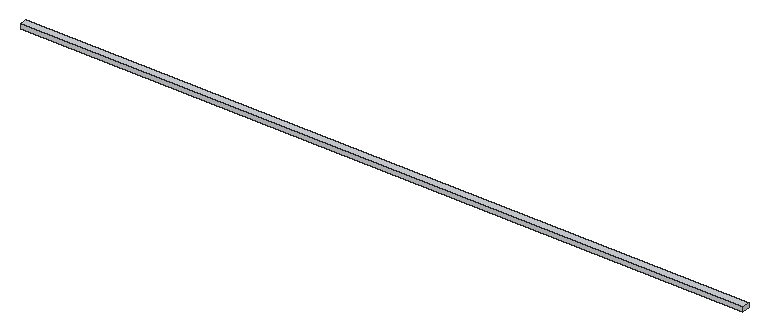
Revit family "SUPERBRILLOSA 2216 IP 20_S242280.N.1", category Luminarias, Revit 2019
Family settings
  Cota de conector redondo = Diámetro de uso
  Tipo de pieza = Normal
  Se basa en plano de trabajo = Sí
  Siempre vertical = No
  Corte con vacíos al cargar = No
  Origen de luz = Sí
  Compartido = No
  Punto de cálculo de habitación = No
Parameters (values of type "SUPERBRILLOSA 2216 IP 20_S242280.N.1")
  Tilt Angle = 60.00°
  Zone [instance] = ""
  Watt per fixture [instance] = (Longitud / 1000 mm) * (24)  # 24
  Wattage = 24 W
  built-in parameter 1150107 = 4000 (stored number, unit not read)
  built-in parameter 1150110 = 1 (stored number, unit not read)
  built-in parameter 1150109 = 1 (stored number, unit not read)
  built-in parameter 1150112 = 1 (stored number, unit not read)
  built-in parameter 1150113 = 1 (stored number, unit not read)
  built-in parameter 1114218 = 1 (stored number, unit not read)
  built-in parameter 1150142 = "IESNA:LM-63-1995\r\n[TEST]  \r\n[DATE] 2019/06/12\r\n[MANUFAC] BRILLANTE ILUMINACION\r\n[LUMCAT] SUPERBRILLOSA 2216 IP20\r\n[LUMINAIRE] S242280.N.1 \r\n[LAMPCAT] \r\n[LAMP] SUPERBRILLOSA 2216 4000°K\r\n[BALLASTCAT] \r\n[BALLAST] \r\n[OTHER]  \r\n[More] Temprature:25 Humidity:40\r\n[More] Frequency:DC Voltage:24.0 Current:0.95 Power:22.8 PF:0.000\r\nTILT=NONE\r\n1 2119.500 1.000 13 13 2 2 0.01 1.0 0.01\r\n1.0 1.0 22.8\r\n-90.0 -75.0 -60.0 -45.0 -30.0 -15.0 0.0 15.0 30.0 45.0 60.0 75.0 90.0\r\n-90.0 -75.0 -60.0 -45.0 -30.0 -15.0 0.0 15.0 30.0 45.0 60.0 75.0 90.0\r\n1.932 1.932 1.932 1.932 1.932 1.932 1.932 1.932 1.932 1.932 1.932 1.932 1.932\r\n2.831 20.582 50.585 83.598 112.579 130.874 137.396 131.253 113.125 85.376 53.364 22.299 2.763\r\n2.788 51.209 129.313 208.862 274.350 316.230 331.343 319.117 280.288 217.074 138.226 60.588 6.777\r\n2.609 86.327 212.269 331.741 422.969 478.861 497.463 478.722 423.433 334.159 216.475 92.235 8.631\r\n2.518 108.517 272.214 420.368 532.077 599.019 622.677 601.952 537.224 430.911 288.405 126.678 9.341\r\n2.519 133.079 320.031 482.762 603.117 676.087 699.535 674.187 601.138 482.906 324.463 141.477 9.316\r\n2.478 134.114 328.958 497.853 624.320 700.783 727.108 703.199 629.930 508.879 345.754 155.982 9.350\r\n2.521 136.178 323.901 486.926 607.560 680.755 703.698 678.494 605.468 486.515 328.288 144.723 9.961\r\n2.494 113.569 278.967 426.724 538.351 606.654 630.090 609.294 544.152 437.870 294.844 132.417 10.581\r\n2.615 92.630 221.024 341.462 432.784 489.082 507.369 488.776 433.092 343.649 226.379 98.960 9.352\r\n2.748 57.867 137.944 219.193 285.234 327.015 342.235 330.269 291.516 228.419 148.269 67.746 7.181\r\n3.182 27.195 60.201 94.766 123.740 142.768 149.599 143.688 125.344 97.202 63.023 29.600 3.074\r\n1.975 1.975 1.975 1.975 1.975 1.975 1.975 1.975 1.975 1.975 1.975 1.975 1.975\r\n"
  built-in parameter 1150137 = (empty or 0)
  built-in parameter 1150132 = (empty or 0)
  Modelo = "S242280.N.1"
  Lámpara = "2216 SMD"
  Longitud de línea de emisión = 600 mm
  Longitud [instance] = 1000 mm
  built-in parameter 1150105 = 488.36 (stored number, unit not read)
  built-in parameter 1150102 = (empty or 0)
  built-in parameter 1150106 = 4.8836 (stored number, unit not read)
  Lumens = 2088 lm
  Color Filter = 16777215
  built-in parameter 1114217 = 1 (stored number, unit not read)
  built-in parameter 1150139 = (empty or 0)
  Fabricante = "BRILLANT"
  Default Elevation = 0 mm
  built-in parameter 1150104 = 8.0826 (stored number, unit not read)
  Descripción = "TIRA LED SUPERBRILLOSA 10MM DE ANCHO IP20 USO PARA INTERIORES, DE PCB BLANCO SIN RECUBRIMIENTO, MONO CROMATICA, CON UNA POTENCIA DE 24W/M DE UN TIPO DE LED 2216 SMD, IRC90, 280 LEDS POR METRO, PRESENTACION DE 5M, TEMPERATURA EN BLANCO FRIO 4000K, 2088 LUMENES POR METRO, EFICIENCIA DE 87 LM/W, CORTE A 2.5CM, ALIMENTADA A 24V, REQUIERE ACCESORIOS COMO FUENTE DE PODER Y CABLE DE ALIMENTACION. PERFIL EN CASO DE SER NECESARIO."
  built-in parameter 1150115 = 1 (stored number, unit not read)
  built-in parameter 1150114 = 1 (stored number, unit not read)
  Costo USD_S242280 [instance] = (Longitud / 1000 mm) * (27)  # 27
  Cost = 0
  Comentarios de vataje = "24V"
  built-in parameter 1150138 = (empty or 0)
  built-in parameter 1150134 = 12
  Circuit [instance] = ""
  Dimming Lamp Color Temperature Shift = (empty or 0)
  Archivo de red fotométrica = "S242280.N.1.IES.IES"
  Ancho = 10 mm
  built-in parameter 1150133 = 10 (stored number, unit not read)
Reference planes
  plane 1 "Centro (Frontal/Posterior)": y = 0
  plane 2: z = 0
  plane 3 "Centro (Izquierda/Derecha)": x = 0
  plane 4: x = 0
  plane 5: z = 12
  plane 6: x = -1000
  plane 7: y = 5
  plane 8: y = -5
Forms (mm)
  Extrusion 1, solid
    sketch origin (0, 0, 0) x (1, 0, 0) y (0, 1, 0)
      loop
        line (-1000, 5) -> (-1000, -5) -> (0, -5) -> (0, 5) -> (-1000, 5)
    from 0 to 6.038
Dimensions and locks
  "Longitud": plane 6 to plane 4
  equal spacing: plane 7, plane 1 "Centro (Frontal/Posterior)", plane 8
  plane 1 "Centro (Frontal/Posterior)" to plane 7 = 5 mm
  "Ancho": plane 7 to plane 8
  "Longitud": plane 6 to plane 3 "Centro (Izquierda/Derecha)"
  aligned and locked: level to plane 2
  aligned and locked: Extrusion 1 to plane 4
  aligned and locked: plane 6 to Extrusion 1
  aligned and locked: plane 3 "Centro (Izquierda/Derecha)" to Extrusion 1
  aligned and locked: Extrusion 1 to plane 7
  aligned and locked: Extrusion 1 to plane 8
Automatic sketch dimensions
  Extrusion 1 sketch curve to plane 6 = 0 mm
  Extrusion 1 sketch curve to plane 3 "Centro (Izquierda/Derecha)" = 0 mm
  plane 1 "Centro (Frontal/Posterior)" to Extrusion 1 sketch curve = 5 mm
  Extrusion 1 sketch curve to plane 1 "Centro (Frontal/Posterior)" = 5 mm
Connectors
  electrical at (0, 0, 3.019)
    settings: on Extrusion 1, index 1, voltage 24 V, apparent load 0 VA, apparent load phase1 0 VA, apparent load phase2 0 VA, apparent load phase3 0 VA, power factor 1, load classification "Otro", number of poles 1, system type 31, power factor state 1, is connector primary yes, connector utility no, sub classification motor no, connector description ""
